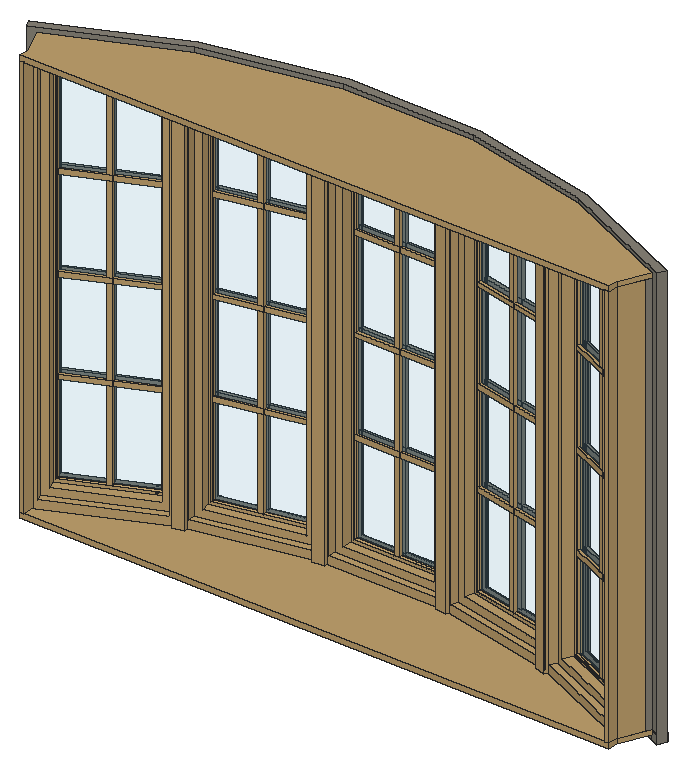
Revit family
Parameters (values of type "CUCABB_BOW_5W")
  Window Type = "Clad Ultimate Casement Bow-5 Wide"
  Void Offset_SB = if(Sill Board Visibility, 0' 0 11/16", 0' 0")  # 0' - 0 11/16"
  Void Offset_S = if(Subsill A217 Visibility, 0' 1 11/32", if(Sill Board Visibility, 0' 0 11/16", if(Subsill A246 Visibility, 0' 0 9/16", 0' 0")))  # 0' - 1 11/32"
  Void Offset_HB = if(Head Board Visibility, 0' 0 11/16", 0' 0")  # 0' - 0 11/16"
  Void Offset_H = if(Flat Casing Visibility, 0' 3", if(BMC Visibility, 0' 1 5/16", if(Head Board Visibility, 0' 0 11/16", 0' 0")))  # 0' - 1 5/16"
  Void Offset_C3 = if(Casing Visibility, 0' 0", 0' 10")  # 0' - 0"
  Void Offset_C2 = if(Flat Casing Visibility, 0' 3", 0' 1 5/16")  # 0' - 1 5/16"
  Void Offset_C = if(Casing Visibility, 0' 0", 0' 9")  # 0' - 0"
  Vent Area = VO Width * VO Height * 2  # 6.30606 SF
  VO Width = if(Unit Width < 1' 8", Unit Width - 0' 9 19/32", Unit Width - 0' 7 7/64")  # 0' - 8 13/32"
  VO Height = Height Without Seat_Head Board - 0' 5 29/256"  # 4' - 6 3/256"
  Unit Width = Nominal Unit Width  # 1' - 6"
  URL = "www.marvin.com"
  Subsill Height = if(Subsill A217 Visibility, 0' 1 11/32", 0' 0 9/16")  # 0' - 1 11/32"
  R = Unit Width / 2 / sin(6.00°)  # 7' - 2.10095"
  Prairie Corner Width = 0' - 4"
  Prairie Corner Height = 0' - 4"
  Offset_3 [instance] = if(not(Casing Visibility), 0' 0 1/16", if(Inset to Installation Flange > 0' 0 9/16", 0' 1", 0' 0"))  # 0' - 1"
  Offset_2 [instance] = if(not(Casing Visibility), 0' 0 1/16", if(Inset to Installation Flange < 0' 1", 0' 1", 0' 0"))  # 0' - 0"
  Offset [instance] = 0' 4 9/16" - Casing Offset + Inset to Installation Flange  # 0' - 5 1/32"
  Nominal Unit Width = 1' - 6"
  Muntins Interior Material = Wood-Marvin-Pine
  Muntins Exterior Material = Aluminum-Marvin-Bronze
  Lites Wide = 2
  Lite Cut Prairie 9 = no
  Lite Cut HV Grid = not(Lite Cut Prairie 9)  # yes
  Interior Material = Wood-Marvin-Pine
  Head Board Visibility = yes
  Sill Board Visibility = yes
  Projection = (Unit Width * sin(24.00°)) + (Unit Width * sin(12.00°)) + (0' 4 9/16" - (0' 4 9/16" * cos(24.00°)))  # 0' - 11.45812"
  Glazing Material = Glass-Marvin-IG Low E II with Argon
  Frame = "Aluminum Clad"
  Elevation Swing Visibility = yes
  Design Pressure = "DP50"
  Cladding Material = Aluminum-Marvin-Bronze
  Casing Width = if(BMC Visibility, 0' 1 5/16", 0' 3")  # 0' - 1 5/16"
  Casing Visibility = yes
  Subsill Visibility = yes
  Casing Offset = if(BMC Visibility, 0' 0 17/32", if(Flat Casing Visibility, 0' 1 7/32", 0' 0"))  # 0' - 0 17/32"
  BMC Visibility = and(Casing Visibility, BMC)  # yes
  Flat Casing Visibility = and(Casing Visibility, Flat Casing)  # no
  Subsill A246 Visibility = and(Subsill Visibility, Subsill A246)  # no
  Subsill A217 Visibility = and(Subsill Visibility, Subsill A217)  # yes
  BMC = yes
  Flat Casing = not(BMC)  # no
  Subsill A246 = no
  Subsill A217 = not(Subsill A246)  # yes
  Nominal Height = 5' - 0"
  Model = "CUCABB_BOW_5W"
  Manufacturer = "Marvin Windows and Doors"
  Lites High = 4
  Label Visibility = no
  Height With Seat_Head Board = Nominal Height + 0' 0 1/2"  # 5' - 0 1/2"
  Height Without Seat_Head Board = Nominal Height - 0' 0 7/8"  # 4' - 11 1/8"
  Glass Type = "IG Low E II with Argon"
  Family created by (URL) = "www.rbuiltcomponents.com"
  Rough Width = R + 0' 4 11/128"  # 7' - 6.18689"
  Rough Height = Height + 0' 0 1/2"  # 5' - 1"
  Muntins Interior Visibility = yes
  Muntins Exterior Visibility = yes
  Inset to Installation Flange [instance] = 0' - 1"
  Height = if(and(Head Board Visibility, Sill Board Visibility), Nominal Height + 0' 0 1/2", if(or(Head Board Visibility, Sill Board Visibility), Nominal Height - 0' 0 3/16", Nominal Height - 0' 0 7/8"))  # 5' - 0 1/2"
  Description = "CSMT BOW"
  Default Head Height = 8' - 0"
  Wall Closure = (empty or 0)
  Width = Rough Width  # 7' - 6.18689"
  Daylight Area = DLO Width * DLO Height * 5  # 22.5606 SF
  DLO Width = Unit Width - 0' 5 13/16"  # 1' - 0 3/16"
  DLO Height = Height Without Seat_Head Board - 0' 5 13/16"  # 4' - 5 5/16"
  Assembly Code = ""
Reference planes
  plane 1 "Center (Front/Back)": y = 165.864
  plane 2: z = 0
  plane 3 "Center (Left/Right)": x = -76.2
  plane 4 "Sill": z = 919.163
  plane 5 "Top": z = 2420.938
  plane 6 "Inset": y = 230.157
  plane 7 "Jamb Ext Face": y = 114.27
  plane 8: z = 1670.05
  plane 9: y = 124.291
  plane 10: x = -1169.682
  plane 11: x = 1017.282
  plane 12 "HB": z = 2438.4
  plane 13 "SB": z = 901.7
  plane 14 "Offset_H": z = 2454.275
  plane 15 "Offset_S": z = 885.031
  plane 16 "Subsill": z = 885.031
  plane 17 "Offset_HB": z = 2438.4
  plane 18 "Offset_SB": z = 901.7
  plane 19 "Casing": z = 2454.275
  plane 20 "Left": x = -1221.573
  plane 21 "Right": x = 1069.173
  plane 22: y = 521.193
Forms (mm)
  Extrusion 1, void
    sketch origin (0, 0, 919.163) x (0, -1, 0) y (1, 0, 0)
      loop
        line (-124.291, -1169.682) -> (-89.664, -1169.682) -> (-89.664, 1017.282) -> (-124.291, 1017.282) -> (-124.291, -1169.682)
    from -17.462 to 1519.237
  Extrusion 2, void
    sketch origin (0, 0, 919.163) x (0, -1, 0) y (1, 0, 0)
      loop
        line (-242.064, -1222.118) -> (-124.291, -1169.682) -> (-124.291, 1017.282) -> (-242.064, 1069.718) -> (-242.064, -1222.118)
    from -34.131 to 1535.113
  Extrusion 3, solid, material "Wood-Marvin-Pine" <- "Interior Material", visible <- "Head Board Visibility"
    sketch origin (0, 0, 2420.938) x (0, -1, 0) y (1, 0, 0)
      loop
        line (-124.291, 1017.282) -> (-230.159, 1064.418) -> (-421.074, 635.618) -> (-521.196, 164.58) -> (-521.196, -316.98) -> (-421.074, -788.018) -> (-230.159, -1216.818) -> (-124.291, -1169.682) -> (-89.664, -1169.682) -> (-89.664, 1017.282) -> (-124.291, 1017.282)
    from 17.462 to 0
  Extrusion 4, void
    sketch origin (0, 0, 919.163) x (0, -1, 0) y (1, 0, 0)
      loop
        line (-230.159, -1216.818) -> (-508.608, -1340.791) -> (-495.048, -1371.246) -> (-216.6, -1247.273) -> (-230.159, -1216.818)
      loop
        line (-230.159, 1064.418) -> (-216.6, 1094.873) -> (-495.048, 1218.846) -> (-508.608, 1188.391) -> (-230.159, 1064.418)
    from -34.131 to 1535.113
  Extrusion 5, void
    sketch origin (0, 0, 919.163) x (0, -1, 0) y (1, 0, 0)
      loop
        line (-521.196, -316.98) -> (-421.074, -788.018) -> (-216.664, -1247.13) -> (-216.664, 1094.73) -> (-421.074, 635.618) -> (-521.196, 164.58) -> (-521.196, -316.98)
    from 1535.113 to -34.131
  Extrusion 6, solid, material "Wood-Marvin-Pine" <- "Interior Material", visible <- "Sill Board Visibility"
    sketch origin (0, 0, 919.163) x (0, -1, 0) y (1, 0, 0)
      loop
        line (-124.291, 1017.282) -> (-230.159, 1064.418) -> (-421.074, 635.618) -> (-521.196, 164.58) -> (-521.196, -316.98) -> (-421.074, -788.018) -> (-230.159, -1216.818) -> (-124.291, -1169.682) -> (-89.664, -1169.682) -> (-89.664, 1017.282) -> (-124.291, 1017.282)
    from 0 to -17.462
  Sweep 7, solid, material "Aluminum-Marvin-Bronze" <- "Cladding Material", visible <- "Flat Casing Visibility"
    path in 3D
      loop
        line (-1247.13, 216.664, 885.031) -> (-1247.13, 216.664, 2454.275) -> (-788.018, 421.074, 2454.275) -> (-316.98, 521.196, 2454.275) -> (164.58, 521.196, 2454.275) -> (635.618, 421.074, 2454.275) -> (1094.73, 216.664, 2454.275) -> (1094.73, 216.664, 885.031)
    profile "Flat_Casing_Clad : Flat_Casing_Clad" origin (-1247.13, 216.664, 1669.653) x (1, 0, 0) y (0, 1, 0)
      loop
        line (58.313, 56.373) -> (-11.3, 25.379) -> (0, 0) -> (69.612, 30.993) -> (58.313, 56.373)
  Sweep 8, solid, material "Aluminum-Marvin-Bronze" <- "Cladding Material", visible <- "Subsill Visibility"
    path in 3D
      loop
        line (1094.73, 216.664, 885.031) -> (635.618, 421.074, 885.031) -> (164.58, 521.196, 885.031) -> (-316.98, 521.196, 885.031) -> (-788.018, 421.074, 885.031) -> (-1247.13, 216.664, 885.031)
    profile origin (-76.2, 521.196, 885.031) x (0, -1, 0) y (0, 0, 1)
      loop
        line (0, 34.131) -> (-27.788, 34.131) -> (-27.788, 30.254) -> (-34.131, 29.369) -> (-34.131, 0) -> (0, 0) -> (0, 34.131)
  Sweep 9, solid, material "Aluminum-Marvin-Bronze" <- "Cladding Material", visible <- "BMC Visibility"
    path in 3D
      loop
        line (-1247.13, 216.664, 885.031) -> (-1247.13, 216.664, 2454.275) -> (-788.018, 421.074, 2454.275) -> (-316.98, 521.196, 2454.275) -> (164.58, 521.196, 2454.275) -> (635.618, 421.074, 2454.275) -> (1094.73, 216.664, 2454.275) -> (1094.73, 216.664, 885.031)
    profile "BMC_Clad : BMC_Clad" origin (-1247.13, 216.664, 1669.653) x (1, 0, 0) y (0, 1, 0)
      loop
        line (0.786, 35.103) -> (-13.058, 28.939) -> (-0.144, -0.066) -> (30.311, 13.494) -> (19.012, 38.873) -> (10.175, 34.939) -> (0.786, 35.103)
  Extrusion 10, solid, material "Wood-Marvin-Pine" <- "Interior Material"
    sketch origin (6.34, 3.211, 919.163) x (0, -1, 0) y (1, 0, 0)
      loop
        line (-86.453, -1176.023) -> (-86.453, -1160.994) -> (-127.771, -1160.994) -> (-121.08, -1176.023) -> (-86.453, -1176.023)
      loop
        line (-86.453, 1010.942) -> (-121.08, 1010.942) -> (-127.784, 995.884) -> (-86.453, 995.884) -> (-86.453, 1010.942)
    from 0 to 1501.775
Lines and regions (mm)
  Masking region 1, visible <- "Sill Board Visibility"
    outline origin (0, 0, 919.163) x (0, -1, 0) y (1, 0, 0)
      loop
        line (-405.308, -304.8) -> (-310.247, -752.018) -> (-124.291, -1169.682) -> (-124.291, 1017.282) -> (-310.251, 599.609) -> (-405.308, 152.4) -> (-405.308, -304.8)
  Masking region 2
    outline origin (-76.2, 190.5, 0) x (0, 1, 0) y (0, 0, 1)
      loop
        line (358.47, 2420.938) -> (-100.836, 2420.938) -> (-100.836, 919.163) -> (358.47, 919.163) -> (358.47, 2420.938)
  Masking region 3, visible <- "BMC Visibility", detail levels fine
    outline origin (0, 0, 919.163) x (0, -1, 0) y (1, 0, 0)
      loop
        line (-255.537, -1228.118) -> (-251.603, -1236.954) -> (-251.766, -1246.344) -> (-245.603, -1260.188) -> (-216.598, -1247.274) -> (-230.157, -1216.819) -> (-255.537, -1228.118)
      loop
        line (-255.538, 1075.719) -> (-230.157, 1064.419) -> (-216.598, 1094.874) -> (-245.603, 1107.788) -> (-251.766, 1093.944) -> (-251.603, 1084.558) -> (-255.538, 1075.719)
  Masking region 4, visible <- "Flat Casing Visibility", detail levels fine
    outline origin (0, 0, 919.163) x (0, -1, 0) y (1, 0, 0)
      loop
        line (-216.664, -1247.13) -> (-247.657, -1177.518) -> (-273.036, -1188.817) -> (-242.043, -1258.43) -> (-216.664, -1247.13)
      loop
        line (-216.664, 1094.73) -> (-242.043, 1106.03) -> (-273.036, 1036.417) -> (-247.657, 1025.118) -> (-216.664, 1094.73)
  Masking region 5
    outline origin (0, 0, 919.163) x (0, -1, 0) y (1, 0, 0)
      loop
        line (-130.982, -1154.654) -> (-310.251, -752.009) -> (-405.308, -304.8) -> (-405.308, 152.4) -> (-310.251, 599.609) -> (-130.995, 1002.224) -> (-89.664, 1002.224) -> (-89.664, 1017.282) -> (-124.291, 1017.282) -> (-255.533, 1075.715) -> (-447.635, 644.248) -> (-548.97, 167.5) -> (-548.97, -319.9) -> (-447.633, -796.645) -> (-255.531, -1228.114) -> (-124.291, -1169.682) -> (-89.664, -1169.682) -> (-89.664, -1154.654) -> (-130.982, -1154.654)
  Masking region 6, visible <- "Subsill Visibility"
    outline origin (-1194.048, 0, 0) x (0, -1, 0) y (0, 0, 1)
      loop
        line (-124.291, 919.163) -> (-548.983, 919.163) -> (-548.983, 915.285) -> (-555.327, 914.4) -> (-555.327, 885.031) -> (-124.291, 885.031) -> (-124.291, 919.163)
  Masking region 7, visible <- "Sill Board Visibility"
    outline origin (-1194.048, 0, 0) x (0, -1, 0) y (0, 0, 1)
      loop
        line (-521.193, 919.163) -> (-521.193, 901.7) -> (-89.664, 901.7) -> (-89.664, 919.163) -> (-521.193, 919.163)
  Masking region 8, visible <- "Casing Visibility"
    outline origin (-1194.048, 0, 0) x (0, -1, 0) y (0, 0, 1)
      loop
        line (-548.977, 2454.275) -> (-548.977, 2420.938) -> (-124.291, 2420.938) -> (-124.291, 2454.275) -> (-548.977, 2454.275)
  Masking region 9, visible <- "Head Board Visibility"
    outline origin (-1194.048, 0, 0) x (0, -1, 0) y (0, 0, 1)
      loop
        line (-521.193, 2438.4) -> (-521.193, 2420.938) -> (-89.664, 2420.938) -> (-89.664, 2438.4) -> (-521.193, 2438.4)
  Masking region 10, visible <- "BMC Visibility", detail levels coarse+medium
    outline origin (0, 0, 919.163) x (0, -1, 0) y (1, 0, 0)
      loop
        line (-255.537, -1228.118) -> (-251.603, -1236.954) -> (-251.766, -1246.344) -> (-245.603, -1260.188) -> (-216.598, -1247.274) -> (-230.157, -1216.819) -> (-255.537, -1228.118)
      loop
        line (-255.537, 1075.718) -> (-230.157, 1064.419) -> (-216.598, 1094.874) -> (-245.603, 1107.788) -> (-251.766, 1093.944) -> (-251.603, 1084.554) -> (-255.537, 1075.718)
  Masking region 11, visible <- "Flat Casing Visibility", detail levels coarse+medium
    outline origin (0, 0, 919.163) x (0, -1, 0) y (1, 0, 0)
      loop
        line (-216.664, -1247.13) -> (-247.657, -1177.518) -> (-273.036, -1188.817) -> (-242.043, -1258.43) -> (-216.664, -1247.13)
      loop
        line (-216.664, 1094.73) -> (-242.043, 1106.03) -> (-273.036, 1036.417) -> (-247.657, 1025.118) -> (-216.664, 1094.73)
  Masking region 12, visible <- "Sill Board Visibility"
    outline origin (0, 0, 919.163) x (0, -1, 0) y (1, 0, 0)
      loop
        line (-89.664, 1017.282) -> (-124.291, 1017.282) -> (-124.291, -1169.682) -> (-89.664, -1169.682) -> (-89.664, 1017.282)
  symbolic lines, style "WindowsFrameMullionProjection", detail levels coarse+medium
    curve 1: line (-76.2, 548.977, 2420.938) -> (-76.2, 548.977, 2390.762)
    curve 2: line (-76.2, 548.977, 2390.762) -> (-76.2, 405.319, 2390.762)
    curve 3: line (-76.2, 405.319, 2390.762) -> (-76.2, 405.319, 2420.938)
    curve 4: line (-76.2, 511.897, 2390.762) -> (-76.2, 511.897, 2347.379)
    curve 5: line (-76.2, 511.897, 2347.379) -> (-76.2, 470.724, 2347.379)
    curve 6: line (-76.2, 470.724, 949.338) -> (-76.2, 470.724, 992.721)
    curve 7: line (-76.2, 548.983, 919.163) -> (-76.2, 548.983, 949.338)
    curve 8: line (-76.2, 548.983, 949.338) -> (-76.2, 405.319, 949.338)
    curve 9: line (-76.2, 405.319, 949.338) -> (-76.2, 405.319, 919.163)
    curve 10: line (-76.2, 511.897, 992.721) -> (-76.2, 470.724, 992.721)
    curve 11: line (-76.2, 470.724, 992.721) -> (-76.2, 470.724, 2347.379)
    curve 12: line (-76.2, 511.897, 992.721) -> (-76.2, 511.897, 949.338)
    curve 13: line (-76.2, 470.724, 2347.379) -> (-76.2, 470.724, 2390.762)
    curve 14: line (-76.2, 511.897, 2347.379) -> (-76.2, 511.897, 992.721)
    curve 19: line (-1194.048, 548.983, 919.163) -> (-1194.048, 405.319, 919.163)
    curve 29: line (-1194.048, 405.319, 2420.938) -> (-1194.048, 548.975, 2420.938)
    curve 96: line (-1154.654, 89.664, 919.163) -> (-1169.682, 89.664, 919.163)
    curve 97: line (-1154.654, 130.974, 919.163) -> (-1154.654, 89.664, 919.163)
    curve 98: line (1017.282, 89.664, 919.163) -> (1002.224, 89.664, 919.163)
    curve 99: line (1002.224, 89.664, 919.163) -> (1002.224, 130.987, 919.163)
  symbolic lines, style "WindowsFrameMullionProjection"
    curve 15: line (-76.2, 405.319, 949.338) -> (-76.2, 405.319, 2390.762)
    curve 42: line (-1194.048, 297.989, 2347.379) -> (-1194.048, 242.675, 2347.379)
    curve 43: line (-1194.048, 242.675, 2347.379) -> (-1194.048, 242.675, 992.721)
    curve 44: line (-1194.048, 242.675, 992.721) -> (-1194.048, 297.989, 992.721)
    curve 45: line (-1194.048, 297.989, 2390.762) -> (-1194.048, 162.12, 2390.762)
    curve 46: line (-1194.048, 162.12, 949.338) -> (-1194.048, 297.989, 949.338)
    curve 47: line (-1194.048, 228.105, 2390.762) -> (-1194.048, 228.105, 949.338)
    curve 48: line (-1194.048, 130.974, 919.163) -> (-1194.048, 130.974, 2420.938)
    curve 49: line (-1194.048, 162.12, 949.338) -> (-1194.048, 162.12, 2390.762)
    curve 50: line (-1194.048, 297.989, 949.338) -> (-1194.048, 297.989, 2390.762)
    curve 87: line (-1194.048, 399.047, 2390.762) -> (-1194.048, 316.537, 2390.762)
    curve 88: line (-1194.048, 316.537, 949.338) -> (-1194.048, 399.047, 949.338)
    curve 89: line (-1194.048, 343.888, 2390.762) -> (-1194.048, 343.888, 949.338)
    curve 90: line (-1194.048, 316.537, 949.338) -> (-1194.048, 316.537, 2390.762)
    curve 91: line (-1194.048, 399.047, 949.338) -> (-1194.048, 399.047, 2390.762)
    curve 92: line (-1194.048, 399.047, 2347.379) -> (-1194.048, 357.999, 2347.379)
    curve 93: line (-1194.048, 357.999, 2347.379) -> (-1194.048, 357.999, 992.721)
    curve 94: line (-1194.048, 357.999, 992.721) -> (-1194.048, 399.047, 992.721)
    curve 95: line (-1194.048, 310.263, 919.163) -> (-1194.048, 310.263, 2420.938)
  symbolic lines, style "WindowsGlassProjection", detail levels coarse+medium
    curve 16: line (-1194.048, 491.311, 992.721) -> (-1194.048, 491.311, 2347.379)
  symbolic lines, style "Jamb Extension", visible <- "Subsill Visibility", detail levels fine
    curve 17: line (-1194.048, 555.327, 885.031) -> (-1194.048, 521.193, 885.031)
    curve 18: line (-1194.048, 521.193, 885.031) -> (-1194.048, 521.193, 919.163)
  symbolic lines, style "WindowsFrameMullionProjection", visible <- "Subsill Visibility", detail levels coarse+medium
    curve 20: line (-1194.048, 548.983, 919.163) -> (-1194.048, 548.983, 915.285)
    curve 21: line (-1194.048, 548.983, 915.285) -> (-1194.048, 555.327, 914.4)
    curve 22: line (-1194.048, 555.327, 914.4) -> (-1194.048, 555.327, 885.031)
    curve 23: line (-1194.048, 555.327, 885.031) -> (-1194.048, 521.193, 885.031)
    curve 24: line (-1194.048, 521.193, 885.031) -> (-1194.048, 521.193, 919.163)
  symbolic lines, style "WindowsFrameMullionProjection", visible <- "Sill Board Visibility", detail levels coarse+medium
    curve 25: line (-1194.048, 89.664, 919.163) -> (-1194.048, 521.193, 919.163)
    curve 26: line (-1194.048, 521.193, 901.7) -> (-1194.048, 89.664, 901.7)
    curve 27: line (-1194.048, 89.664, 901.7) -> (-1194.048, 89.664, 919.163)
    curve 28: line (-1194.048, 521.193, 919.163) -> (-1194.048, 521.193, 901.7)
  symbolic lines, style "WindowsFrameMullionProjection", visible <- "Head Board Visibility", detail levels coarse+medium
    curve 30: line (-1194.048, 521.193, 2438.4) -> (-1194.048, 89.664, 2438.4)
    curve 31: line (-1194.048, 521.193, 2420.938) -> (-1194.048, 521.193, 2438.4)
    curve 32: line (-1194.048, 89.664, 2420.938) -> (-1194.048, 521.193, 2420.938)
    curve 33: line (-1194.048, 89.664, 2438.4) -> (-1194.048, 89.664, 2420.938)
  symbolic lines, style "WindowsFrameMullionProjection", visible <- "Casing Visibility", detail levels coarse+medium
    curve 34: line (-1194.048, 548.975, 2454.275) -> (-1194.048, 521.193, 2454.275)
    curve 35: line (-1194.048, 548.975, 2420.938) -> (-1194.048, 548.975, 2454.275)
    curve 36: line (-1194.048, 521.193, 2420.938) -> (-1194.048, 548.975, 2420.938)
    curve 37: line (-1194.048, 521.193, 2454.275) -> (-1194.048, 521.193, 2420.938)
  symbolic lines, style "Jamb Extension", visible <- "Casing Visibility", detail levels fine
    curve 38: line (-1194.048, 548.975, 2454.275) -> (-1194.048, 521.193, 2454.275)
    curve 39: line (-1194.048, 548.975, 2420.938) -> (-1194.048, 548.975, 2454.275)
    curve 40: line (-1194.048, 521.193, 2420.938) -> (-1194.048, 548.975, 2420.938)
    curve 41: line (-1194.048, 521.193, 2454.275) -> (-1194.048, 521.193, 2420.938)
  symbolic lines, style "Elevation Swing", visible <- "Elevation Swing Visibility"
    curve 51: line (658.047, 604.46, 914.4) -> (1069.191, 604.46, 1670.05)
    curve 52: line (1069.191, 604.46, 1670.05) -> (658.047, 604.46, 2420.938)
    curve 53: line (-810.447, 604.46, 919.163) -> (-1221.591, 604.46, 1670.05)
    curve 54: line (-1221.591, 604.46, 1670.05) -> (-810.447, 604.46, 2420.938)
  reference lines
    curve 55: line (152.4, 405.308, 919.163) -> (-304.8, 405.308, 919.163)
    curve 56: line (-304.8, 405.308, 919.163) -> (-752.009, 310.251, 919.163)
    curve 57: line (152.4, 405.308, 919.163) -> (599.609, 310.251, 919.163)
    curve 58: line (-752.009, 310.251, 919.163) -> (-1169.682, 124.291, 919.163)
    curve 59: line (599.609, 310.251, 919.163) -> (1017.282, 124.291, 919.163)
    curve 60: line (-1169.682, 124.291, 919.163) -> (1017.282, 124.291, 919.163)
    curve 61: line (164.58, 521.196, 919.163) -> (-316.98, 521.196, 919.163)
    curve 62: line (-316.98, 521.196, 919.163) -> (-788.018, 421.074, 919.163)
    curve 63: line (164.58, 521.196, 919.163) -> (635.618, 421.074, 919.163)
    curve 64: line (-788.018, 421.074, 919.163) -> (-1216.818, 230.159, 919.163)
    curve 65: line (635.618, 421.074, 919.163) -> (1064.418, 230.159, 919.163)
    curve 66: line (1017.282, 124.291, 919.163) -> (1064.418, 230.159, 919.163)
    curve 67: line (-1169.682, 124.291, 919.163) -> (-1216.818, 230.159, 919.163)
  sketch lines
    curve 68: line (164.58, 521.196, 885.031) -> (-316.98, 521.196, 885.031)
    curve 69: line (635.618, 421.074, 885.031) -> (164.58, 521.196, 885.031)
    curve 70: line (1094.73, 216.664, 885.031) -> (635.618, 421.074, 885.031)
    curve 71: line (-316.98, 521.196, 885.031) -> (-788.018, 421.074, 885.031)
    curve 72: line (-788.018, 421.074, 885.031) -> (-1247.13, 216.664, 885.031)
    curve 73: line (-1247.13, 216.664, 885.031) -> (-1247.13, 216.664, 2454.275)
    curve 74: line (-1247.13, 216.664, 2454.275) -> (-788.018, 421.074, 2454.275)
    curve 75: line (-788.018, 421.074, 2454.275) -> (-316.98, 521.196, 2454.275)
    curve 76: line (-316.98, 521.196, 2454.275) -> (164.58, 521.196, 2454.275)
    curve 77: line (164.58, 521.196, 2454.275) -> (635.618, 421.074, 2454.275)
    curve 78: line (635.618, 421.074, 2454.275) -> (1094.73, 216.664, 2454.275)
    curve 79: line (1094.73, 216.664, 885.031) -> (1094.73, 216.664, 2454.275)
    curve 80: line (-1247.13, 216.664, 885.031) -> (-1247.13, 216.664, 2454.275)
    curve 81: line (-1247.13, 216.664, 2454.275) -> (-788.018, 421.074, 2454.275)
    curve 82: line (-788.018, 421.074, 2454.275) -> (-316.98, 521.196, 2454.275)
    curve 83: line (-316.98, 521.196, 2454.275) -> (164.58, 521.196, 2454.275)
    curve 84: line (164.58, 521.196, 2454.275) -> (635.618, 421.074, 2454.275)
    curve 85: line (635.618, 421.074, 2454.275) -> (1094.73, 216.664, 2454.275)
    curve 86: line (1094.73, 216.664, 885.031) -> (1094.73, 216.664, 2454.275)
Text (mm)
  text "EXTERIOR" at (-1490.695, 1293.036, 0), in view "Ref. Level"
  text "INTERIOR" at (-1490.695, -959.266, 0), in view "Ref. Level"
  text "Exterior" at (0, 1108.87, 3129.179), in view "Left"
  text "Exterior" at (0, 464.664, 3176.206), in view "Right"
Dimensions and locks
  "Height With Seat_Head Board": plane 13 "SB" to plane 12 "HB"
  "Offset": host wall to plane 7 "Jamb Ext Face"
  locked: plane 7 "Jamb Ext Face" to plane 6 "Inset" at 115.888
  equal spacing: plane 4 "Sill", plane 8, plane 5 "Top"
  "Default Head Height": plane 2 to plane 12 "HB"
  locked: plane 7 "Jamb Ext Face" to plane 9 at 10.021
  locked: plane 5 "Top" to plane 12 "HB" at 17.462
  locked: plane 13 "SB" to plane 4 "Sill" at 17.463
  "Void Offset_H": plane 14 "Offset_H" to plane 5 "Top"
  "Void Offset_S": plane 4 "Sill" to plane 15 "Offset_S"
  "Void Offset_C2": Extrusion 4 sketch curve to Extrusion 4 sketch curve  (x2)
  "Subsill Height": plane 16 "Subsill" to plane 4 "Sill"
  "Void Offset_HB": plane 5 "Top" to plane 17 "Offset_HB"
  "Void Offset_SB": plane 18 "Offset_SB" to plane 4 "Sill"
  locked: Masking region 7 sketch curve to plane 4 "Sill" at 17.462
  locked: plane 5 "Top" to Masking region 9 sketch curve at 17.462
  "Casing Width": plane 5 "Top" to plane 19 "Casing"
  equal spacing: curve 55, plane 3 "Center (Left/Right)", curve 55
  "Unit Width": curve 55 to curve 55
  "Unit Width": curve 56 to curve 56
  "Unit Width": curve 57 to curve 57
  "Unit Width": curve 58 to curve 58
  "Unit Width": curve 59 to curve 59
  locked: curve 57 to curve 63 at 115.888
  locked: curve 61 to curve 55 at 115.887
  locked: curve 62 to curve 56 at 115.887
  "Casing Offset": Extrusion 5 sketch curve to plane 6 "Inset"
  locked: Sweep 8 sketch curve to Sweep 8 sketch curve at 34.131
  Sweep 8 sketch curve to Sweep 8 sketch curve to Sweep 8 sketch curve = 0' - 0.03485" locked, 0' - 0.15265" locked
  equal spacing: curve 56, nested 7, curve 58
  equal spacing: curve 58, nested 3, curve 67
  equal spacing: curve 59, nested 8, curve 57
  equal spacing: curve 66, nested 4, curve 59
  locked: plane 10 to Extrusion 10 sketch curve at 15.028
  locked: Extrusion 10 sketch curve to plane 11 at 15.058
  equal spacing: plane 20 "Left", plane 3 "Center (Left/Right)", plane 21 "Right"
  "Rough Width": plane 20 "Left" to plane 21 "Right"
  locked: plane 20 "Left" to plane 10 at 51.891
  locked: plane 11 to plane 21 "Right" at 51.891
  locked: nested 1 to curve 61 at 228.6
  "Projection": plane 6 "Inset" to plane 22
  locked: Masking region 2 sketch curve to plane 22 at 27.777
  locked: curve 64 to curve 58 at 115.888
  locked: curve 59 to curve 65 at 115.888
  "Void Offset_C3": Extrusion 4 sketch curve to curve 64
  "Void Offset_C3": curve 65 to Extrusion 4 sketch curve
  angle plane 6 "Inset" to nested 3 = 24.00°
  locked: curve 56 to curve 55 (angle 168.00°)
  locked: curve 55 to curve 57 (angle 168.00°)
  locked: curve 58 to curve 56 (angle 168.00°)
  locked: curve 57 to curve 59 (angle 168.00°)
  locked: curve 58 to curve 67 (angle 90.00°)
  locked: curve 66 to curve 59 (angle 90.00°)
  aligned and locked: Masking region 2 sketch curve to plane 5 "Top"
  aligned and locked: Masking region 2 sketch curve to plane 4 "Sill"
  aligned and locked: plane 3 "Center (Left/Right)" to nested 1
  aligned and locked: curve 8 to curve 15
  aligned and locked: Extrusion 1 sketch curve to plane 9
  aligned and locked: Extrusion 1 sketch curve to host wall
  aligned and locked: plane 10 to Extrusion 1 sketch curve
  aligned and locked: plane 11 to Extrusion 1 sketch curve
  aligned and locked: plane 9 to Extrusion 2 sketch curve
  aligned and locked: Extrusion 2 sketch curve to host wall
  aligned: plane 3 "Center (Left/Right)" to nested 2
  aligned and locked: plane 5 "Top" to nested 4
  aligned and locked: nested 2 to plane 5 "Top"
  aligned and locked: nested 3 to plane 5 "Top"
  aligned and locked: Extrusion 3 to plane 5 "Top"
  aligned and locked: Extrusion 3 to plane 12 "HB"
  aligned and locked: plane 16 "Subsill" to Extrusion 5
  aligned and locked: plane 15 "Offset_S" to Extrusion 2
  aligned and locked: Extrusion 4 to plane 14 "Offset_H"
  aligned and locked: Extrusion 2 to plane 14 "Offset_H"
  aligned and locked: Extrusion 1 to plane 17 "Offset_HB"
  aligned and locked: plane 18 "Offset_SB" to Extrusion 1
  aligned and locked: plane 15 "Offset_S" to Extrusion 4
  aligned and locked: nested 5 to plane 4 "Sill"
  aligned and locked: Masking region 2 sketch curve to host wall
  aligned and locked: curve 4 to nested 5
  aligned and locked: curve 13 to nested 5
  aligned and locked: curve 9 to nested 5
  aligned and locked: curve 5 to nested 5
  aligned and locked: curve 10 to nested 5
  aligned and locked: curve 10 to curve 16
  aligned and locked: curve 5 to curve 16
  aligned and locked: Masking region 6 sketch curve to plane 4 "Sill"
  aligned and locked: Masking region 7 sketch curve to host wall
  aligned and locked: Masking region 7 sketch curve to plane 4 "Sill"
  aligned and locked: nested 5 to curve 18
  aligned and locked: curve 19 to nested 5  (x2)
  aligned and locked: curve 25 to Masking region 7
  aligned and locked: curve 26 to Masking region 7
  aligned and locked: curve 27 to Masking region 7
  aligned and locked: curve 28 to Masking region 7
  aligned and locked: Extrusion 5 to plane 14 "Offset_H"
  aligned and locked: Masking region 8 sketch curve to plane 5 "Top"
  aligned and locked: Masking region 9 sketch curve to host wall
  aligned and locked: nested 5 to curve 29
  aligned and locked: curve 32 to Masking region 9
  aligned and locked: curve 33 to Extrusion 3
  aligned and locked: plane 5 "Top" to curve 36
  aligned and locked: nested 3 to curve 42
  aligned and locked: curve 43 to nested 3
  aligned and locked: curve 44 to nested 3
  aligned and locked: nested 3 to curve 45
  aligned and locked: nested 3 to curve 46
  aligned and locked: nested 3 to curve 47
  aligned and locked: curve 49 to nested 3
  aligned and locked: curve 50 to nested 3
  aligned and locked: curve 30 to Masking region 9
  aligned and locked: plane 19 "Casing" to Masking region 8 sketch curve
  aligned and locked: plane 19 "Casing" to curve 38
  aligned and locked: nested 4 to curve 51
  aligned and locked: plane 8 to curve 51
  aligned and locked: curve 52 to nested 4
  aligned and locked: curve 53 to nested 3
  aligned and locked: plane 8 to curve 53
  aligned and locked: nested 3 to curve 54
  aligned and locked: plane 10 to Masking region 5 sketch curve
  aligned and locked: Masking region 5 sketch curve to host wall
  aligned and locked: plane 11 to Masking region 5 sketch curve
  aligned and locked: Masking region 1 sketch curve to nested 3
  aligned and locked: Masking region 1 sketch curve to nested 4
  aligned and locked: Masking region 1 sketch curve to nested 2
  aligned and locked: curve 29 to nested 5
  aligned and locked: plane 9 to Masking region 8 sketch curve
  aligned and locked: Masking region 6 sketch curve to plane 9
  aligned and locked: plane 1 "Center (Front/Back)" to host wall
  aligned and locked: nested 6 to plane 3 "Center (Left/Right)"
  aligned and locked: nested 6 to plane 9
  aligned and locked: nested 3 to curve 64
  aligned and locked: nested 4 to curve 65
  aligned and locked: nested 2 to curve 61
  aligned and locked: plane 3 "Center (Left/Right)" to nested 2
  aligned and locked: nested 7 to curve 62
  aligned and locked: curve 63 to nested 8
  aligned and locked: curve 67 to Extrusion 3 sketch curve
  aligned and locked: Extrusion 3 sketch curve to curve 64
  aligned and locked: Extrusion 3 sketch curve to curve 62
  aligned and locked: Extrusion 3 sketch curve to curve 61
  aligned and locked: Extrusion 3 sketch curve to curve 63
  aligned and locked: Extrusion 3 sketch curve to curve 65
  aligned and locked: curve 66 to Extrusion 3 sketch curve
  aligned and locked: curve 67 to Masking region 5 sketch curve
  aligned and locked: curve 66 to Masking region 5 sketch curve
  aligned and locked: Masking region 5 sketch curve to curve 58
  aligned and locked: Masking region 5 sketch curve to curve 56
  aligned and locked: Masking region 5 sketch curve to curve 55
  aligned and locked: curve 59 to Masking region 5 sketch curve
  aligned and locked: Extrusion 2 sketch curve to curve 67
  aligned and locked: Extrusion 2 sketch curve to curve 66
  aligned and locked: curve 67 to Extrusion 4 sketch curve
  aligned and locked: curve 66 to Extrusion 4 sketch curve
  aligned and locked: curve 60 to plane 9
  aligned and locked: Extrusion 6 sketch curve to host wall
  aligned and locked: plane 10 to Extrusion 6 sketch curve
  aligned and locked: plane 11 to Extrusion 6 sketch curve
  aligned and locked: Extrusion 6 sketch curve to curve 64
  aligned and locked: curve 67 to Extrusion 6 sketch curve
  aligned and locked: Extrusion 6 sketch curve to curve 62
  aligned and locked: Extrusion 6 sketch curve to curve 61
  aligned and locked: Extrusion 6 sketch curve to curve 63
  aligned and locked: Extrusion 6 sketch curve to curve 65
  aligned and locked: curve 66 to Extrusion 6 sketch curve
  aligned and locked: host wall to Extrusion 10 sketch curve
  aligned and locked: plane 10 to Extrusion 10 sketch curve
  aligned and locked: Extrusion 10 sketch curve to curve 58
  aligned and locked: Extrusion 10 sketch curve to host wall
  aligned and locked: Extrusion 10 sketch curve to plane 11
  aligned and locked: Extrusion 10 sketch curve to curve 59
  aligned and locked: plane 4 "Sill" to Extrusion 10
  aligned and locked: Extrusion 10 to plane 5 "Top"
  aligned and locked: Masking region 5 sketch curve to Extrusion 10  (x2)
  aligned and locked: Masking region 5 sketch curve to nested 6  (x5)
  aligned and locked: Masking region 4 sketch curve to Sweep 7  (x7)
  aligned and locked: Sweep 7 to Masking region 4 sketch curve
  aligned and locked: Masking region 3 sketch curve to Sweep 9  (x10)
  aligned and locked: Sweep 7 to Masking region 3 sketch curve
  aligned and locked: Sweep 9 to Masking region 3 sketch curve
  aligned and locked: Masking region 5 sketch curve to curve 57
  aligned and locked: plane 22 to nested 5
  aligned and locked: plane 22 to Masking region 9 sketch curve
  aligned and locked: plane 22 to Masking region 7 sketch curve
  aligned and locked: Masking region 8 sketch curve to Sweep 7
  aligned and locked: curve 90 to nested 7
  aligned and locked: curve 95 to nested 7
  aligned and locked: curve 91 to nested 7
  aligned and locked: Sweep 7 to curve 1
  aligned and locked: curve 7 to nested 2
  aligned and locked: Sweep 8 to curve 20
  aligned and locked: curve 22 to Sweep 8
  aligned and locked: curve 21 to Sweep 8
  aligned and locked: Sweep 8 to Masking region 6 sketch curve
  aligned and locked: Masking region 6 sketch curve to Sweep 8  (x2)
  aligned and locked: Sweep 8 sketch curve to plane 4 "Sill"
  aligned and locked: Masking region 10 sketch curve to Sweep 9  (x11)
  aligned and locked: Sweep 9 to Masking region 10 sketch curve
  aligned and locked: Masking region 11 sketch curve to Sweep 7  (x7)
  aligned and locked: Sweep 7 to Masking region 11 sketch curve
  aligned and locked: Masking region 1 sketch curve to nested 6  (x2)
  aligned and locked: Extrusion 5 sketch curve to curve 64
  aligned and locked: Extrusion 5 sketch curve to curve 62
  aligned and locked: Extrusion 5 sketch curve to curve 61
  aligned and locked: Extrusion 5 sketch curve to curve 63
  aligned and locked: Extrusion 5 sketch curve to curve 65
  aligned and locked: nested 9 to curve 61
  aligned and locked: nested 9 to nested 6
  aligned and locked: nested 12 to curve 65
  aligned and locked: nested 4 to nested 6
  aligned and locked: curve 61 to nested 10
  aligned and locked: nested 10 to nested 2
  aligned and locked: nested 11 to curve 64
  aligned and locked: nested 11 to nested 3
  aligned and locked: plane 5 "Top" to nested 12
  aligned and locked: nested 9 to plane 5 "Top"
  aligned and locked: plane 5 "Top" to nested 10
  aligned and locked: nested 11 to plane 5 "Top"
  aligned and locked: plane 4 "Sill" to nested 12
  aligned and locked: nested 9 to plane 4 "Sill"
  aligned and locked: plane 4 "Sill" to nested 10
  aligned and locked: nested 11 to plane 4 "Sill"
  aligned and locked: nested 12 to nested 4
  aligned and locked: curve 96 to Extrusion 10
  aligned and locked: Extrusion 10 to curve 97
  aligned and locked: curve 98 to Extrusion 10
  aligned and locked: curve 99 to Extrusion 10
  aligned and locked: curve 89 to nested 7
  aligned and locked: curve 93 to nested 3
  aligned and locked: plane 16 "Subsill" to Masking region 6 sketch curve
  aligned and locked: plane 16 "Subsill" to curve 23
  aligned and locked: Masking region 12 sketch curve to plane 9
  aligned and locked: Masking region 12 sketch curve to host wall
  aligned and locked: plane 10 to Masking region 12 sketch curve
  aligned and locked: Masking region 12 sketch curve to plane 11
  aligned and locked: Masking region 1 sketch curve to plane 9
Automatic sketch dimensions
  plane 4 "Sill" to curve 9 = 0' - 0"
  plane 4 "Sill" to curve 7 = 0' - 0"
  plane 5 "Top" to curve 1 = 0' - 0"
  plane 5 "Top" to curve 3 = 0' - 0"
  curve 9 to plane 4 "Sill" = 0' - 1.188"
  plane 5 "Top" to curve 3 = 0' - 1.188"
  curve 96 to plane 10 = 0' - 0"
  curve 98 to plane 11 = 0' - 0"
  plane 9 to curve 97 = 0' - 0.26311"
  plane 9 to curve 99 = 0' - 0.26363"
  Extrusion 3 sketch curve to plane 10 = 0' - 0"
  Extrusion 3 sketch curve to plane 11 = 0' - 0"
  host wall to Extrusion 3 sketch curve = 0' - 0"
  plane 22 to Extrusion 4 sketch curve = 0' - 1.02933"  (x2)
  curve 41 to plane 22 = 0' - 0"
  curve 26 to plane 22 = 0' - 0"
  curve 29 to curve 31 = 0' - 1 3/32"
  plane 22 to curve 16 = 0' - 1.17649"
  plane 9 to curve 48 = 0' - 0.26311"
  curve 89 to plane 4 "Sill" = 0' - 1.188"
  curve 88 to curve 94 = 0' - 1.708"
  curve 92 to curve 42 = 0' - 0"
  plane 5 "Top" to curve 87 = 0' - 1.188"
  host wall to Masking region 5 sketch curve = 0' - 0"
  Masking region 9 sketch curve to plane 5 "Top" = 0' - 0"
  curve 53 to plane 4 "Sill" = 0' - 0"
  curve 54 to plane 5 "Top" = 0' - 0"
  curve 52 to plane 5 "Top" = 0' - 0"
  curve 53 to plane 20 "Left" = 0' - 0.00071"
  plane 21 "Right" to curve 52 = 0' - 0.00071"
  plane 4 "Sill" to curve 51 = 0' - 0 3/16"
  Sweep 8 sketch curve to profile plane = 0' - 0"  (x2)
  Sweep 8 sketch curve to Sweep 8 sketch curve = 0' - 0.24974"
Nested families
  nested 1: "Label Annotation 1-16 w4" at (-76.2, 749.796, 0), visible <- "Label Visibility", type "Label Annotation 1-16 w4"
    with Nominal Width 7' - 6.18689"
  nested 2: "Window-Casement-Marvin-Clad_Ultimate" at (-76.2, 521.196, -17.462), Unit Width <- "Unit Width", type "Window-Casement-Marvin-Clad_Ultimate Center"
    with Unit Width 1' - 6", Elevation Swing RH no, Elevation Swing LH no, DLO Width 1' - 0 3/16", DLO Height 4' - 5 5/16", Lites Wide 2
  nested 3: "Window-Casement-Marvin-Clad_Ultimate" at (-1007.981, 323.139, -17.462) x (0.9135, 0.4067, 0) z (0, 0, 1), Unit Width <- "Unit Width", type "Window-Casement-Marvin-Clad_Ultimate Side"
    with Unit Width 1' - 6", Elevation Swing RH yes, Elevation Swing LH no, DLO Width 1' - 0 3/16", DLO Height 4' - 5 5/16", Lites Wide 2
  nested 4: "Window-Casement-Marvin-Clad_Ultimate" at (855.581, 323.139, -17.462) x (-0.9135, 0.4067, 0) z (0, 0, 1), Unit Width <- "Unit Width", type "Window-Casement-Marvin-Clad_Ultimate Side"
    with Unit Width 1' - 6", Elevation Swing RH yes, Elevation Swing LH no, DLO Width 1' - 0 3/16", DLO Height 4' - 5 5/16", Lites Wide 2
  nested 5: "Bow_Section_Detail" at (-76.2, 521.193, 919.163) x (0, -1, 0) z (-1, 0, 0), type "Casement_Section_Detail", detail levels fine
  nested 6: "Bow_Plan_Detail" at (-76.2, 124.291, 919.163) x (-1, 0, 0) z (0, 0, -1), type "Casement_Plan_Detail"
  nested 7: "Window-Casement-Marvin-Clad_Ultimate" at (-552.499, 471.135, -17.462) x (0.9781, 0.2079, 0) z (0, 0, 1), Unit Width <- "Unit Width", type "Window-Casement-Marvin-Clad_Ultimate Center"
    with Unit Width 1' - 6", Elevation Swing RH no, Elevation Swing LH no, DLO Width 1' - 0 3/16", DLO Height 4' - 5 5/16", Lites Wide 2
  nested 8: "Window-Casement-Marvin-Clad_Ultimate" at (400.099, 471.135, -17.462) x (0.9781, -0.2079, 0) z (0, 0, 1), Unit Width <- "Unit Width", type "Window-Casement-Marvin-Clad_Ultimate Center"
    with Unit Width 1' - 6", Elevation Swing RH no, Elevation Swing LH no, DLO Width 1' - 0 3/16", DLO Height 4' - 5 5/16", Lites Wide 2
  nested 9: "Mull_Bow" at (152.4, 521.196, 896.938), type "Casing_Clad"
    with Height 4' - 11 1/8"
  nested 10: "Mull_Bow" at (-304.8, 521.196, 896.938) x (-1, 0, 0) z (0, 0, 1), type "Casing_Clad"
    with Height 4' - 11 1/8"
  nested 11: "Mull_Bow" at (-799.145, 416.119, 896.938) x (0.9135, 0.4067, 0) z (0, 0, 1), type "Casing_Clad"
    with Height 4' - 11 1/8"
  nested 12: "Mull_Bow" at (646.745, 416.119, 896.938) x (-0.9135, 0.4067, 0) z (0, 0, 1), type "Casing_Clad"
    with Height 4' - 11 1/8"
Definition of nested family "Window-Casement-Marvin-Clad_Ultimate"
  Parameters (values of type "Window-Casement-Marvin-Clad_Ultimate Center")
    Width = 0' - 0"
    Unit Width [instance] = 3' - 0"
    Prairie Corner Width = 0' - 4"
    Prairie Corner Height = 0' - 4"
    Muntins Interior Material = Wood-Marvin-Pine
    Muntins Exterior Material = Aluminum-Marvin-Bronze
    Lites Wide = 4
    Lites High = 4
    Lite Cut Prairie 9 = no
    Lite Cut HV Grid = yes
    Interior Grille = yes
    Interior Finish = Wood-Marvin-Pine
    Height = 4' - 11 1/8"
    Glazing Material = Glass-Marvin-IG Low E II with Argon
    Exterior Grille = yes
    Elevation Swing RH [instance] = yes
    Elevation Swing LH [instance] = no
    DLO Width [instance] = Unit Width - 0' 5 13/16"  # 2' - 6 3/16"
    DLO Height [instance] = Height - 0' 5 13/16"  # 4' - 5 5/16"
    Cladding Finish = Aluminum-Marvin-Bronze
    Assembly Code = ""
  Types (2): name | Unit Width | Muntins Interior Material | Muntins Exterior Material | Lites Wide | DLO Width
    Window-Casement-Marvin-Clad_Ultimate Side | 2' - 0" | none | none | 3 | 1' - 6 3/16"
    Window-Casement-Marvin-Clad_Ultimate Center | 3' - 0" | Wood-Marvin-Pine | Aluminum-Marvin-Bronze | 4 | 2' - 6 3/16"
  Reference planes
    plane 1 "Center (Front/Back)": y = 0
    plane 2: z = 0
    plane 3 "Center (Left/Right)": x = 0
    plane 4: x = 457.2
    plane 5: x = -457.2
    plane 6 "Glazing": y = -19.05
    plane 7: y = -115.888
    plane 8: z = 2438.4
    plane 9: z = 936.625
    plane 10: z = 1687.513
  Forms (mm)
    Sweep 1, solid, material "Aluminum-Marvin-Bronze" <- "Cladding Finish"
      path origin (0, -19.05, 0) x (1, 0, 0) y (0, 0, 1)
        loop
          line (-457.2, 936.625) -> (457.2, 936.625) -> (457.2, 2438.4) -> (-457.2, 2438.4) -> (-457.2, 936.625)
      profile "Profile_Ext_Clad_Frame : Profile_Ext_Clad_Frame" origin (0, -19.05, 936.625) x (0, 0, 1) y (0, -1, 0)
        loop
          line (0, 0) -> (0, -46.838) -> (13.235, -46.838) -> (15.828, -9.754) -> (68.478, -9.754) -> (68.478, -6.741) -> (73.558, -1.661) -> (73.558, 0) -> (0, 0)
    Sweep 2, solid, material "Wood-Marvin-Pine" <- "Interior Finish"
      path origin (0, -19.05, 0) x (1, 0, 0) y (0, 0, 1)
        loop
          line (457.2, 936.625) -> (457.2, 2438.4) -> (-457.2, 2438.4) -> (-457.2, 936.625) -> (457.2, 936.625)
      profile "Profile_Int_Frame : Profile_Int_Frame" origin (0, -19.05, 936.625) x (0, 0, -1) y (0, -1, 0)
        loop
          line (0, 0) -> (0, 96.825) -> (-30.175, 96.825) -> (-30.175, 68.863) -> (-58.467, 68.863) -> (-58.467, 31.42) -> (-68.796, 31.42) -> (-68.796, 28.884) -> (-73.558, 24.121) -> (-73.558, 19.126) -> (-56.083, 19.126) -> (-56.083, 0) -> (0, 0)
    Extrusion 3, solid, material "Glass-Marvin-IG Low E II with Argon" <- "Glazing Material"
      sketch origin (0, -19.05, 0) x (1, 0, 0) y (0, 0, 1)
        loop
          line (400.05, 2381.25) -> (-400.05, 2381.25) -> (-400.05, 993.775) -> (400.05, 993.775) -> (400.05, 2381.25)
      from 0 to 19.126
  Lines and regions (mm)
    symbolic lines, style "Elevation Swing", visible <- "Elevation Swing RH"
      curve 1: line (441.372, 0, 952.453) -> (-441.372, 0, 1687.512)
      curve 2: line (441.372, 0, 2422.572) -> (-441.372, 0, 1687.512)
    symbolic lines, style "Elevation Swing", visible <- "Elevation Swing LH"
      curve 3: line (-441.372, 0, 952.453) -> (441.372, 0, 1687.512)
      curve 4: line (-441.372, 0, 2422.572) -> (441.372, 0, 1687.512)
  Dimensions and locks
    equal spacing: plane 5, plane 3 "Center (Left/Right)", plane 4
    "Unit Width": plane 5 to plane 4
    locked: plane 6 "Glazing" to plane 1 "Center (Front/Back)" at 19.05
    locked: plane 7 to plane 1 "Center (Front/Back)" at 115.888
    plane 2 to plane 8 = 8' - 0"
    "Height": plane 9 to plane 8
    equal spacing: plane 9, plane 10, plane 8
    locked: Extrusion 3 sketch curve to plane 8 at 57.15
    locked: plane 9 to Extrusion 3 sketch curve at 57.15
    locked: Extrusion 3 sketch curve to plane 5 at 57.15
    plane 4 to Extrusion 3 sketch curve = 0' - 2 1/4"
    locked: nested 1 to plane 6 "Glazing" at 19.447
    aligned and locked: Sweep 1 sketch curve to plane 4
    aligned and locked: plane 9 to Sweep 1 sketch curve
    aligned and locked: plane 5 to Sweep 1 sketch curve
    aligned and locked: Sweep 1 sketch curve to plane 8
    aligned and locked: plane 9 to Sweep 2 sketch curve
    aligned and locked: Sweep 2 sketch curve to plane 8
    aligned and locked: Sweep 2 sketch curve to plane 4
    aligned and locked: plane 5 to Sweep 2 sketch curve
    aligned and locked: Extrusion 3 to plane 6 "Glazing"
    aligned and locked: Extrusion 3 to Sweep 2
    aligned and locked: plane 3 "Center (Left/Right)" to nested 1
    aligned and locked: plane 10 to nested 1
    aligned and locked: nested 2 to plane 10
    aligned and locked: nested 2 to plane 3 "Center (Left/Right)"
    aligned and locked: Sweep 1 to curve 3  (x2)
    aligned and locked: curve 4 to Sweep 1
    aligned and locked: curve 1 to Sweep 1
    aligned and locked: Sweep 1 to curve 1
    aligned and locked: Sweep 1 to curve 2
  Automatic sketch dimensions
    curve 2 to plane 10 = 0' - 0"
    curve 4 to plane 10 = 0' - 0"
    plane 9 to curve 1 = 0' - 0.62315"
    plane 9 to curve 3 = 0' - 0.62315"
    curve 4 to plane 8 = 0' - 0.62315"
    curve 2 to plane 8 = 0' - 0.62315"
  Nested families
    nested 1: "Muntins" at (0, -38.497, 96.044), visible <- "Interior Grille", Muntin Material <- "Muntins Interior Material", type "Muntins"
      with Muntin Material Wood-Marvin-Pine, GlazingWidth 2' - 6 3/16", GlazingHeight 4' - 5 5/16", Width 2' - 6 5/8", VerticalMuntins 3, LitesVertical 4, LitesHorizontal 4, HorizontalMuntins 3, Height 4' - 5 3/4", Inset Vert 0' - 7 9/32", Inset Horiz 1' - 1 1/16"
    nested 2: "Muntins" at (0, -19.05, 96.044), visible <- "Exterior Grille", Muntin Material <- "Muntins Exterior Material", type "Muntins"
      with Muntin Material Aluminum-Marvin-Bronze, GlazingWidth 2' - 6 3/16", GlazingHeight 4' - 5 5/16", Width 2' - 6 5/8", VerticalMuntins 3, LitesVertical 4, LitesHorizontal 4, HorizontalMuntins 3, Height 4' - 5 3/4", Inset Vert 0' - 7 9/32", Inset Horiz 1' - 1 1/16"
  Definition of nested family "Muntins"
    Parameters (values of type "Muntins")
      PrairieMuntVisible = no
      Prairie Corner Width = 0' - 4"
      Prairie Corner Height = 0' - 4"
      Muntin Extension = 0' - 0 7/16"
      GridMuntVisible = yes
      GlazingWidth = 2' - 0"
      GlazingHeight = 2' - 11 1/8"
      Width = GlazingWidth + Muntin Extension  # 2' - 0 7/16"
      VerticalMuntins = if(LitesHorizontal < 3, 2, LitesHorizontal - 1)  # 2
      VertMuntVisible = and(GridMuntVisible, LitesHorizontal > 2)  # yes
      MuntinWidth = 0' - 0 3/4"
      MuntinDepth [instance] = 0' - 0 3/8"
      Muntin Material [instance] = none
      LitesVertical = 3
      LitesHorizontal = 3
      HorizontalMuntins = if(LitesVertical < 3, 2, LitesVertical - 1)  # 2
      HorizMuntVisible = and(GridMuntVisible, LitesVertical > 2)  # yes
      Height = GlazingHeight + Muntin Extension  # 2' - 11 9/16"
      Inset Vert = if(LitesHorizontal < 3, (Width / 3) - (MuntinWidth / 2), (Width / LitesHorizontal) - (MuntinWidth / 2))  # 0' - 7.77083"
      Inset Horiz = if(LitesVertical < 3, (Height / 3) - (MuntinWidth / 2), (Height / LitesVertical) - (MuntinWidth / 2))  # 0' - 11.47917"
      CenterMuntinVertical = and(GridMuntVisible, LitesHorizontal = 2)  # no
      CenterMuntinHorizontal = and(GridMuntVisible, LitesVertical = 2)  # no
      Assembly Code = ""
    Reference planes
      plane 1 "Center (Front/Back)": y = 0
      plane 2: z = 0
      plane 3 "Center (Left/Right)": x = 0
      plane 4: z = 908.844
      plane 5: z = 1360.488
      plane 6: z = 1812.131
      plane 7: z = 1520.56
      plane 8: z = 1200.415
      plane 9: z = 1806.575
      plane 10: z = 914.4
      plane 11: x = -304.8
      plane 12: x = 304.8
      plane 13: x = -112.977
      plane 14: x = -310.356
      plane 15: x = 310.356
      plane 16: x = 112.977
      plane 17: z = 1704.975
      plane 18: z = 1016
      plane 19: x = -203.2
      plane 20: x = 203.2
    Forms (mm)
      Extrusion 1, solid, material <- "Muntin Material", visible <- "CenterMuntinVertical", detail levels medium+fine
        sketch origin (228.6, 0, 0) x (1, 0, 0) y (0, 0, 1)
          loop
            line (-238.125, 1812.131) -> (-238.125, 908.844) -> (-219.075, 908.844) -> (-219.075, 1812.131) -> (-238.125, 1812.131)
        from 0 to 9.525 <- "MuntinDepth"
      Extrusion 2, solid, material <- "Muntin Material", visible <- "CenterMuntinHorizontal", detail levels medium+fine
        sketch origin (-0.033, 0, 373.062) x (1, 0, 0) y (0, 0, 1)
          loop
            line (-310.323, 996.95) -> (-310.323, 977.9) -> (310.389, 977.9) -> (310.389, 996.95) -> (-310.323, 996.95)
        from 0 to 9.525 <- "MuntinDepth"
      Extrusion 3, solid, material <- "Muntin Material", visible <- "VertMuntVisible", detail levels medium+fine
        sketch origin (125.148, 0, -73.819) x (1, 0, 0) y (0, 0, 1)
          loop
            line (-238.125, 1885.95) -> (-238.125, 982.662) -> (-219.075, 982.662) -> (-219.075, 1885.95) -> (-238.125, 1885.95)
        from 0 to 9.525 <- "MuntinDepth"
      Extrusion 4, solid, material <- "Muntin Material", visible <- "HorizMuntVisible", detail levels medium+fine
        sketch origin (-78.647, 0, 360.098) x (1, 0, 0) y (0, 0, 1)
          loop
            line (-231.709, 1160.463) -> (-231.709, 1141.413) -> (389.004, 1141.413) -> (389.004, 1160.463) -> (-231.709, 1160.463)
        from 0 to 9.525 <- "MuntinDepth"
      Extrusion 5, solid, material <- "Muntin Material", visible <- "HorizMuntVisible", detail levels medium+fine
        sketch origin (-78.647, 0, 59.002) x (1, 0, 0) y (0, 0, 1)
          loop
            line (-231.709, 1160.463) -> (-231.709, 1141.413) -> (389.004, 1141.413) -> (389.004, 1160.463) -> (-231.709, 1160.463)
        from 0 to 9.525 <- "MuntinDepth"
      Extrusion 6, solid, material <- "Muntin Material", visible <- "VertMuntVisible", detail levels medium+fine
        sketch origin (332.052, 0, -73.819) x (1, 0, 0) y (0, 0, 1)
          loop
            line (-238.125, 1885.95) -> (-238.125, 982.662) -> (-219.075, 982.662) -> (-219.075, 1885.95) -> (-238.125, 1885.95)
        from 0 to 9.525 <- "MuntinDepth"
      Extrusion 7, solid, material <- "Muntin Material", visible <- "PrairieMuntVisible", detail levels medium+fine
        sketch origin (25.4, 0, 0) x (1, 0, 0) y (0, 0, 1)
          loop
            line (-228.6, 1812.131) -> (-228.6, 908.844) -> (-209.55, 908.844) -> (-209.55, 1812.131) -> (-228.6, 1812.131)
        from 0 to 9.525 <- "MuntinDepth"
      Extrusion 8, solid, material <- "Muntin Material", visible <- "PrairieMuntVisible", detail levels medium+fine
        sketch origin (431.8, 0, 0) x (1, 0, 0) y (0, 0, 1)
          loop
            line (-247.65, 1812.131) -> (-247.65, 908.844) -> (-228.6, 908.844) -> (-228.6, 1812.131) -> (-247.65, 1812.131)
        from 0 to 9.525 <- "MuntinDepth"
      Extrusion 9, solid, material <- "Muntin Material", visible <- "PrairieMuntVisible", detail levels medium+fine
        sketch origin (-0.033, 0, 717.55) x (1, 0, 0) y (0, 0, 1)
          loop
            line (-310.323, 987.425) -> (-310.323, 968.375) -> (310.389, 968.375) -> (310.389, 987.425) -> (-310.323, 987.425)
        from 0 to 9.525 <- "MuntinDepth"
      Extrusion 10, solid, material <- "Muntin Material", visible <- "PrairieMuntVisible", detail levels medium+fine
        sketch origin (-0.033, 0, 28.575) x (1, 0, 0) y (0, 0, 1)
          loop
            line (-310.323, 1006.475) -> (-310.323, 987.425) -> (310.389, 987.425) -> (310.389, 1006.475) -> (-310.323, 1006.475)
        from 0 to 9.525 <- "MuntinDepth"
    Cuts and joins
      joined: Extrusion 7, Extrusion 8, Extrusion 9, Extrusion 10
    Lines and regions (mm)
      model lines, style "Muntins", visible <- "CenterMuntinHorizontal", detail levels coarse
        curve 1: line (-310.356, 0, 1360.488) -> (310.356, 0, 1360.488)
      model lines, style "Muntins", visible <- "HorizMuntVisible", detail levels coarse
        curve 2: line (-310.356, 0, 1511.035) -> (310.356, 0, 1511.035)
        curve 3: line (-310.356, 0, 1209.94) -> (310.356, 0, 1209.94)
      model lines, style "Muntins", visible <- "CenterMuntinVertical", detail levels coarse
        curve 4: line (0, 0, 1812.131) -> (0, 0, 908.844)
      model lines, style "Muntins", visible <- "VertMuntVisible", detail levels coarse
        curve 5: line (-103.452, 0, 1812.131) -> (-103.452, 0, 908.844)
        curve 6: line (103.452, 0, 1812.131) -> (103.452, 0, 908.844)
      model lines, style "Muntins", visible <- "PrairieMuntVisible", detail levels coarse
        curve 7: line (-310.356, 0, 1695.45) -> (310.356, 0, 1695.45)
        curve 8: line (-310.356, 0, 1025.525) -> (310.356, 0, 1025.525)
        curve 9: line (-193.675, 0, 908.844) -> (-193.675, 0, 1812.131)
        curve 10: line (193.675, 0, 908.844) -> (193.675, 0, 1812.131)
    Dimensions and locks
      "Inset Horiz": plane 6 to plane 7
      "Inset Horiz": plane 8 to plane 4
      equal spacing: plane 6, plane 5, plane 4
      "Height": plane 6 to plane 4
      "GlazingHeight": plane 9 to plane 10
      equal spacing: plane 9, plane 5, plane 10
      "GlazingWidth": plane 12 to plane 11
      equal spacing: plane 12, plane 3 "Center (Left/Right)", plane 11
      "MuntinWidth": Extrusion 1 sketch curve to Extrusion 1 sketch curve
      "Height": Extrusion 1 sketch curve to Extrusion 1 sketch curve
      "MuntinWidth": Extrusion 2 sketch curve to Extrusion 2 sketch curve
      "Width": Extrusion 2 sketch curve to Extrusion 2 sketch curve
      "MuntinWidth": Extrusion 3 sketch curve to Extrusion 3 sketch curve
      "Height": Extrusion 3 sketch curve to Extrusion 3 sketch curve
      "Width": plane 15 to plane 14
      equal spacing: plane 15, plane 3 "Center (Left/Right)", plane 14
      "Inset Vert": plane 13 to plane 14
      "Inset Vert": plane 15 to plane 16
      "MuntinWidth": Extrusion 4 sketch curve to Extrusion 4 sketch curve
      "Width": Extrusion 4 sketch curve to Extrusion 4 sketch curve
      "MuntinWidth": Extrusion 5 sketch curve to Extrusion 5 sketch curve
      "Width": Extrusion 5 sketch curve to Extrusion 5 sketch curve
      group 2 to group 3 = 0' - 0"  (x2)
      group 3 to group 2 = 0' - 11.85417"
      "MuntinWidth": Extrusion 6 sketch curve to Extrusion 6 sketch curve
      "Height": Extrusion 6 sketch curve to Extrusion 6 sketch curve
      group 4 to group 5 = 0' - 8.14583"
      group 4 to group 5 = 0' - 0"  (x2)
      "Prairie Corner Width": plane 19 to plane 11
      "Prairie Corner Width": plane 20 to plane 12
      "Prairie Corner Height": plane 9 to plane 17
      "Prairie Corner Height": plane 18 to plane 10
      "MuntinWidth": Extrusion 7 sketch curve to Extrusion 7 sketch curve
      "Height": Extrusion 7 sketch curve to Extrusion 7 sketch curve
      "MuntinWidth": Extrusion 8 sketch curve to Extrusion 8 sketch curve
      "Height": Extrusion 8 sketch curve to Extrusion 8 sketch curve
      "MuntinWidth": Extrusion 9 sketch curve to Extrusion 9 sketch curve
      "Width": Extrusion 9 sketch curve to Extrusion 9 sketch curve
      "MuntinWidth": Extrusion 10 sketch curve to Extrusion 10 sketch curve
      "Width": Extrusion 10 sketch curve to Extrusion 10 sketch curve
      aligned and locked: plane 6 to Extrusion 1  (x2)
      aligned and locked: Extrusion 1 to plane 4  (x3)
      aligned and locked: Extrusion 3 to plane 13  (x5)
      aligned and locked: Extrusion 3 to plane 4  (x3)
      aligned and locked: Extrusion 2 to plane 14
      aligned and locked: plane 15 to Extrusion 2
      aligned and locked: plane 6 to Extrusion 3
      aligned and locked: plane 7 to Extrusion 4
      aligned and locked: Extrusion 4 to plane 14
      aligned and locked: plane 15 to Extrusion 4
      aligned and locked: curve 1 to plane 5
      aligned and locked: plane 14 to curve 1
      aligned and locked: plane 15 to curve 1
      aligned and locked: Extrusion 5 to plane 14
      aligned and locked: Extrusion 5 to plane 8
      aligned and locked: plane 15 to Extrusion 5
      aligned and locked: Extrusion 5 to curve 3  (x2)
      aligned and locked: Extrusion 4 to curve 2  (x2)
      aligned and locked: curve 4 to plane 3 "Center (Left/Right)"
      aligned and locked: Extrusion 1 to curve 4  (x2)
      aligned and locked: Extrusion 3 to curve 5  (x2)
      aligned and locked: Extrusion 6 to curve 6  (x2)
      aligned and locked: Extrusion 6 to plane 16
      aligned and locked: plane 6 to Extrusion 6
      aligned and locked: plane 6 to curve 6
      aligned and locked: Extrusion 6 to plane 4
      aligned and locked: plane 4 to curve 6
      aligned and locked: cut or joined group of Extrusion 7, Extrusion 8, Extrusion 9, Extrusion 10 to plane 19
      aligned and locked: plane 20 to cut or joined group of Extrusion 7, Extrusion 8, Extrusion 9, Extrusion 10
      aligned and locked: plane 17 to cut or joined group of Extrusion 7, Extrusion 8, Extrusion 9, Extrusion 10
      aligned and locked: cut or joined group of Extrusion 7, Extrusion 8, Extrusion 9, Extrusion 10 to plane 18
      aligned and locked: cut or joined group of Extrusion 7, Extrusion 8, Extrusion 9, Extrusion 10 to curve 7  (x2)
      aligned and locked: cut or joined group of Extrusion 7, Extrusion 8, Extrusion 9, Extrusion 10 to curve 8  (x2)
      aligned and locked: cut or joined group of Extrusion 7, Extrusion 8, Extrusion 9, Extrusion 10 to curve 9  (x2)
      aligned and locked: cut or joined group of Extrusion 7, Extrusion 8, Extrusion 9, Extrusion 10 to curve 10  (x2)
    Automatic sketch dimensions
      Extrusion 1 sketch curve to plane 4 = 0' - 0"
      Extrusion 1 sketch curve to plane 3 "Center (Left/Right)" = 0' - 0 3/8"
      Extrusion 2 sketch curve to plane 14 = 0' - 0"
      Extrusion 2 sketch curve to plane 5 = 0' - 0 3/8"
      Extrusion 7 sketch curve to plane 4 = 0' - 0"
      Extrusion 7 sketch curve to plane 19 = 0' - 0"
      Extrusion 8 sketch curve to plane 4 = 0' - 0"
      Extrusion 8 sketch curve to plane 20 = 0' - 0 3/4"
      Extrusion 9 sketch curve to plane 14 = 0' - 0"
      Extrusion 9 sketch curve to plane 17 = 0' - 0 3/4"
      Extrusion 10 sketch curve to plane 14 = 0' - 0"
      Extrusion 10 sketch curve to plane 18 = 0' - 0"
      plane 19 to curve 9 = 0' - 0 3/8"
      curve 10 to plane 20 = 0' - 0 3/8"
      plane 18 to curve 8 = 0' - 0 3/8"
      curve 7 to plane 17 = 0' - 0 3/8"
Definition of nested family "Mull_Bow"
  Parameters (values of type "Casing_Clad")
    Interior Material = Wood-Marvin-Pine
    Height [instance] = 4' - 0"
    Cladding Material = Aluminum-Marvin-Bronze
    Assembly Code = ""
  Reference planes
    plane 1 "Center (Front/Back)": y = 0
    plane 2: z = 0
    plane 3 "Center (Left/Right)": x = 0
    plane 4: z = 1524
    plane 5: z = 304.8
  Forms (mm)
    Extrusion 1, solid, material "Wood-Marvin-Pine" <- "Interior Material"
      sketch origin (0, 0, 0) x (1, 0, 0) y (0, 1, 0)
        loop
          line (29.869, 24.636) -> (15.1, 27.775) -> (0, 27.775) -> (0, -112.713)
          arc (0, -112.713) -> (-0.93, -114.958) -> (-3.175, -115.888) r 3.175
          line (-3.175, -115.888) -> (-22.225, -115.888) -> (-22.225, -127.836) -> (19.255, -132.196) -> (21.739, -120.508) -> (3.103, -116.547)
          arc (3.103, -116.547) -> (1.135, -115.223) -> (0.634, -112.904) r 3.175
          line (0.634, -112.904) -> (29.869, 24.636)
      from 304.8 to 1524
